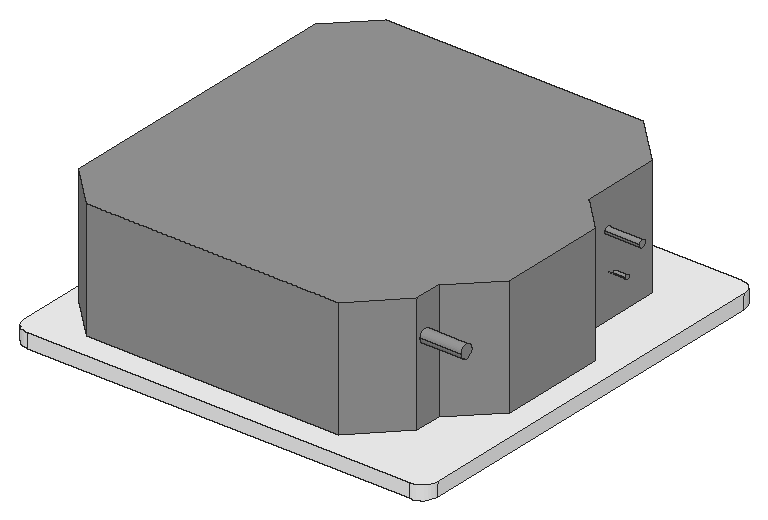
Revit family "Trane_TVR_Indoor_4-way Cassette_4TVC0055EF000AA (2nd DC) - 360°", category Equipamento mecânico, Revit 2019
Family settings
  Cota do conector redondo = Utilizar diâmetro
  Tipo de parte = Normal
  Número OmniClass = 23.75.00.00
  Título OmniClass = Climate Control (HVAC)
  Com base no plano de trabalho = Não
  Sempre na vertical = Sim
  Corte com vazios quando carregada = Não
  Compartilhado = Não
  Ponto de cálculo do ambiente = Não
Parameters (values of type "4TVC0055EF000AA")
  clearance access right = 1000.000 mm
  clearance access left = 1000.000 mm
  clearance access front = 1000.000 mm
  clearance access behind = 1000.000 mm
  clearance [instance] = no
  Width = 950.000 mm
  URL = "https://www.trane.com/commercial/latin-america/br/pt.html"
  Series = "ULTRA"
  Power supply = "1 phase, 220-240V, 50/60Hz"
  Panel color = "S1004"
  Modelo = "4TVC0055EF000AA"
  Minimum Circuit Amps = 1.26 A
  Maximum Fuse Amps = 15 A
  Fabricante = "TRANE"
  Machine material = grilles：ABS/HIPS
  Liquid pipe = 9.530 mm
  Installation = "Indoor installation"
  Height = 300.000 mm
  Heating Power Input = 170 W
  Heating Capacity = 18.00 kW
  Gross Weight = 35.30 kg
  Gas pipe = 15.900 mm
  Gas = "R410a"
  Drain pipe = 32.000 mm
  Descrição = "High efficiency air cooled"
  Depth = 950.000 mm
  Cooling Power Input = 170 W
  Cooling Capacity = 16.00 kW
  Condensation = "air"
  Air Flow = "2100/1950/1800/1750/1600/1450/1350"
Reference planes
  plane 1 "中心(前/后)": y = 0
  plane 2: z = 0
  plane 3 "中心(左/右)": x = 0
  plane 4: z = -102.103
  plane 5 "floor": z = 2546.088
  plane 6: x = -525
  plane 7: x = 525
  plane 8: y = 525
  plane 9: y = -525
Forms (mm)
  Extrusion 1, solid, material "grilles：ABS/HIPS" <- "Machine material", detail levels medium+fine
    sketch origin (0, 0, 64.412) x (-1, 0, 0) y (0, 1, 0)
      loop
        line (-275, 475) -> (-391.569, 358.431) -> (-391.569, 158.431) -> (-475, 75) -> (-475, -195) -> (-375, -295) -> (-375, -365) -> (-265, -475) -> (375, -475) -> (475, -375) -> (475, 375) -> (375, 475) -> (-275, 475)
    from -281.588 to 18.412
  Extrusion 2, solid, material "grilles：ABS/HIPS" <- "Machine material", detail levels fine
    sketch origin (0, 519.376, 250) x (0, 1, 0) y (0, 0, 1)
      loop
        circle (-279.968, -103.155) r 4.765
    from 335 to 425
  Extrusion 3, solid, material "grilles：ABS/HIPS" <- "Machine material", detail levels fine
    sketch origin (391.569, -281.569, 64.412) x (0, -1, 0) y (0, 0, -1)
      loop
        circle (60, -187.897) r 16
    from -16.569 to 90
  Extrusion 4, solid, material "grilles：ABS/HIPS" <- "Machine material", detail levels fine
    sketch origin (391.569, 868.431, 64.412) x (0, -1, 0) y (0, 0, -1)
      loop
        circle (651.789, -187.897) r 7.95
    from 0 to 90
Lines and regions (mm)
  model lines
    curve 1: line (475, 75, 46) -> (391.569, 158.431, 46)
    curve 2: line (391.569, 158.431, 46) -> (391.569, 335, 46)
    curve 3: line (195, 475, 46) -> (-375, 475, 46)
    curve 4: line (-375, 475, 46) -> (-475, 375, 46)
    curve 5: line (391.569, -278.431, 46) -> (475, -195, 46)
    curve 6: line (475, -195, 346) -> (475, -195, 46)
    curve 7: line (475, 75, 346) -> (475, 75, 46)
    curve 8: line (391.569, 158.431, 346) -> (391.569, 158.431, 46)
    curve 9: line (-375, 475, 346) -> (-375, 475, 46)
    curve 10: line (-475, 375, 346) -> (-475, 375, 46)
    curve 11: line (265, -475, 346) -> (265, -475, 46)
    curve 12: line (375, -365, 346) -> (375, -365, 46)
    curve 13: line (375, -295, 346) -> (375, -295, 46)
    curve 14: line (-475, 525, 46) -> (-475, 525, 0)
    curve 15: line (275, 475, 346) -> (-375, 475, 346)
    curve 16: line (391.569, 358.431, 346) -> (275, 475, 346)
    curve 17: line (391.569, 158.431, 346) -> (391.569, 358.431, 346)
    curve 18: line (475, 75, 346) -> (391.569, 158.431, 346)
    curve 19: line (475, -195, 346) -> (475, 75, 346)
    curve 20: line (375, -295, 346) -> (475, -195, 346)
    curve 21: line (265, -475, 346) -> (375, -365, 346)
    curve 22: line (-375, -475, 346) -> (265, -475, 346)
    curve 23: line (-475, -375, 346) -> (-375, -475, 346)
    curve 24: line (-475, 375, 346) -> (-475, -375, 346)
    curve 25: line (-375, 475, 346) -> (-475, 375, 346)
    curve 26: line (375, -365, 346) -> (375, -295, 346)
    curve 27: line (275, 475, 46) -> (-375, 475, 46)
    curve 28: line (391.569, 358.431, 46) -> (275, 475, 46)
    curve 29: line (391.569, 158.431, 46) -> (391.569, 358.431, 46)
    curve 30: line (475, 75, 46) -> (391.569, 158.431, 46)
    curve 31: line (475, -195, 46) -> (475, 75, 46)
    curve 32: line (375, -295, 46) -> (475, -195, 46)
    curve 33: line (375, -365, 46) -> (375, -295, 46)
    curve 34: line (265, -475, 46) -> (375, -365, 46)
    curve 35: line (-375, -475, 46) -> (265, -475, 46)
    curve 36: line (-475, -375, 46) -> (-375, -475, 46)
    curve 37: line (-475, 375, 46) -> (-475, -375, 46)
    curve 38: line (-375, 475, 46) -> (-475, 375, 46)
Dimensions and locks
  "Height": Extrusion 1 to Extrusion 1
  "Liquid pipe": diameter of Extrusion 2
  "Gas pipe": diameter of Extrusion 4
  aligned and locked: level to plane 2
Automatic sketch dimensions
  Extrusion 2 sketch curve to plane 1 "中心(前/后)" = 239.408 mm
  level to Extrusion 2 sketch curve = 146.845 mm
  Extrusion 1 to Extrusion 3 sketch curve = 93.691 mm
  Extrusion 1 to Extrusion 3 sketch curve = 500.000 mm
  Extrusion 4 sketch curve to Extrusion 1 = 58.211 mm
  Extrusion 1 to Extrusion 4 sketch curve = 93.691 mm
  curve 2 to Extrusion 1 = 0.000 mm
  Extrusion 1 to curve 3 = 0.000 mm
  Extrusion 1 to curve 4 = 0.000 mm
  curve 4 to Extrusion 1 = 0.000 mm  (x2)
  curve 1 to Extrusion 1 = 0.000 mm  (x2)
  curve 5 to Extrusion 1 = 0.000 mm  (x4)
  curve 6 to Extrusion 1 = 0.000 mm  (x3)
  curve 7 to Extrusion 1 = 0.000 mm  (x2)
  Extrusion 1 to curve 7 = 0.000 mm
  curve 8 to Extrusion 1 = 0.000 mm  (x3)
  curve 9 to Extrusion 1 = 0.000 mm  (x3)
  curve 10 to Extrusion 1 = 0.000 mm  (x3)
  curve 11 to Extrusion 1 = 0.000 mm  (x3)
  curve 12 to Extrusion 1 = 0.000 mm  (x3)
  curve 13 to Extrusion 1 = 0.000 mm  (x2)
  Extrusion 1 to curve 13 = 0.000 mm
  Extrusion 1 sketch curve to plane 1 "中心(前/后)" = 75.000 mm
  plane 3 "中心(左/右)" to Extrusion 1 sketch curve = 475.000 mm
  Extrusion 1 sketch curve to plane 1 "中心(前/后)" = 475.000 mm
  Extrusion 1 sketch curve to Extrusion 1 sketch curve = 83.431 mm  (x2)
  Extrusion 1 sketch curve to Extrusion 1 sketch curve = 100.000 mm  (x4)
  Extrusion 1 sketch curve to Extrusion 1 sketch curve = 110.000 mm  (x2)
  Extrusion 1 sketch curve to plane 3 "中心(左/右)" = 375.000 mm  (x2)
  Extrusion 1 sketch curve to Extrusion 1 sketch curve = 116.569 mm  (x2)
  plane 1 "中心(前/后)" to Extrusion 1 sketch curve = 195.000 mm
  Extrusion 1 sketch curve to Extrusion 1 sketch curve = 70.000 mm
  plane 1 "中心(前/后)" to Extrusion 1 sketch curve = 375.000 mm
  Extrusion 1 to curve 3 = 56.569 mm
  Extrusion 1 to curve 1 = 0.000 mm
  curve 16 to Extrusion 1 = 0.000 mm  (x4)
  curve 15 to Extrusion 1 = 0.000 mm
  curve 17 to Extrusion 1 = 0.000 mm
  curve 18 to Extrusion 1 = 0.000 mm  (x2)
  Extrusion 1 to curve 19 = 0.000 mm
  curve 20 to Extrusion 1 = 0.000 mm
  Extrusion 1 to curve 21 = 0.000 mm  (x2)
  curve 21 to Extrusion 1 = 0.000 mm  (x2)
  Extrusion 1 to curve 22 = 0.000 mm
  curve 23 to Extrusion 1 = 0.000 mm  (x2)
  curve 24 to Extrusion 1 = 0.000 mm
  curve 28 to curve 27 = 116.569 mm
  curve 29 to curve 28 = 200.000 mm
  curve 30 to curve 29 = 83.431 mm
  curve 37 to curve 27 = 100.000 mm
  plane 6 to curve 37 = 50.000 mm
  curve 36 to plane 9 = 50.000 mm
  curve 36 to curve 36 = 100.000 mm
  curve 38 to plane 8 = 50.000 mm
  curve 37 to curve 38 = 100.000 mm
  curve 35 to plane 7 = 260.000 mm
  curve 27 to plane 7 = 250.000 mm
  curve 29 to plane 7 = 133.431 mm
  curve 31 to plane 7 = 50.000 mm
  curve 35 to curve 37 = 100.000 mm
  curve 14 to level = 0.000 mm
  plane 6 to curve 14 = 50.000 mm
  level to curve 14 = 46.000 mm
  Extrusion 1 to curve 2 = 140.000 mm
  curve 33 to plane 7 = 150.000 mm
  curve 34 to plane 9 = 160.000 mm
  curve 33 to curve 33 = 70.000 mm
  curve 32 to curve 31 = 100.000 mm
  radius of Extrusion 2 sketch curve = 4.765 mm
  radius of Extrusion 3 sketch curve = 16.000 mm
  radius of Extrusion 4 sketch curve = 7.950 mm
Nested families
  nested 1: "360lengbamianban-1050" at (0, 0, 0), type "360lengbamianban-1050", detail levels medium+fine
Connectors
  piping at (481.569, -341.569, 252.309), diameter 32
    settings: on Extrusion 3, index 5, connector inside diameter 32 mm, connector length 0.000 mm, flow factor 0, pipe flow 0.0 m³/h, pressure drop 0.0 Pa, fitting loss kfactor 0, connector angle 0.00°, fixture units 0, engagement length 0.000 mm, angle of deflection 0.00°, flow configuration 1, flow direction 2, fitting loss method 0, system type 29, joint type 0, gender type 0, connector reference index -1, connector utility 0, adjustable connector no, is connector primary yes, connector description "Drain pipe OD Φ 32mm"
  piping at (481.569, 216.642, 252.309), diameter 15.9
    settings: on Extrusion 4, index 6, connector inside diameter 15.9 mm, connector length 0.000 mm, flow factor 0, pipe flow 0.0 m³/h, pressure drop 0.0 Pa, fitting loss kfactor 0, connector angle 0.00°, fixture units 0, engagement length 0.000 mm, angle of deflection 0.00°, flow configuration 1, flow direction 0, fitting loss method 4, system type 22, joint type 0, gender type 0, connector reference index -1, connector utility 0, adjustable connector no, is connector primary no, connector description "Gas pipe Φ15.9mm"
  piping at (425, 239.408, 146.845), diameter 9.53
    settings: on Extrusion 2, index 7, connector inside diameter 9.53 mm, connector length 0.000 mm, flow factor 0, pipe flow 0.0 m³/h, pressure drop 0.0 Pa, fitting loss kfactor 0, connector angle 0.00°, fixture units 0, engagement length 0.000 mm, angle of deflection 0.00°, flow configuration 1, flow direction 0, fitting loss method 4, system type 22, joint type 0, gender type 0, connector reference index -1, connector utility 0, adjustable connector no, is connector primary no, connector description "Liquid pipe Φ9.53mm"
  electrical at (-50, 475, 196)
    settings: on Extrusion 1, index 8, voltage 220 V, apparent load 0 VA, apparent load phase1 0 VA, apparent load phase2 0 VA, apparent load phase3 0 VA, power factor 1, load classification "Power", number of poles 1, system type 30, power factor state 1, is connector primary yes, connector utility no, sub classification motor no, connector description "The location of electrical connectors is not the same as the actual location because the wiring terminal is inside the unit."
Definition of nested family "360lengbamianban-1050"
  Parameters
    Series = ""
    Machine material = none
    Installation = ""
    Gas = ""
    Condensation = ""
  Reference planes
    plane 1 "Center (Front/Back)": y = 0
    plane 2: z = 0
    plane 3 "Center (Left/Right)": x = 0
    plane 4: y = 525
    plane 5: y = -525
    plane 6: x = -525
    plane 7: x = 525
    plane 8: through (323.5, 323.5, 1219.2) normal (0.7071, -0.7071, 0)
    plane 9: through (-323.5, 323.5, 1219.2) normal (0.7071, 0.7071, 0)
    plane 10: y = 300
    plane 11: x = 300
    plane 12: x = -300
    plane 13: y = -300
    plane 14: z = -15
    plane 15: z = 35
    plane 16: y = -330
    plane 17: y = 330
    plane 18: x = 330
    plane 19: x = -330
  Forms (mm)
    Extrusion 1, solid, material <- "Machine material"
      sketch origin (0, 0, 0) x (1, 0, 0) y (0, 1, 0)
        loop
          arc (-485, 525) -> (-513.284, 513.284) -> (-525, 485) r 40
          line (-525, 485) -> (-525, -485)
          arc (-525, -485) -> (-513.284, -513.284) -> (-485, -525) r 40
          line (-485, -525) -> (485, -525)
          arc (485, -525) -> (513.284, -513.284) -> (525, -485) r 40
          line (525, -485) -> (525, 485)
          arc (525, 485) -> (513.284, 513.284) -> (485, 525) r 40
          line (485, 525) -> (-485, 525)
      from 0 to 35
    Extrusion 2, void
      sketch origin (0, 0, 0) x (1, 0, 0) y (0, 1, 0)
        loop
          arc (-130, 250) -> (-214.853, 214.853) -> (-250, 130) r 120
          line (-250, 130) -> (-250, -130)
          arc (-250, -130) -> (-214.853, -214.853) -> (-130, -250) r 120
          line (-130, -250) -> (130, -250)
          arc (130, -250) -> (214.853, -214.853) -> (250, -130) r 120
          line (250, -130) -> (250, 130)
          arc (250, 130) -> (214.853, 214.853) -> (130, 250) r 120
          line (130, 250) -> (-130, 250)
      from 0 to 35
    Extrusion 3, solid
      sketch origin (0, 0, 0) x (1, 0, 0) y (0, 1, 0)
        loop
          line (-256.77, -244.014) -> (-256.77, -247.014) -> (256.177, -247.014) -> (256.177, -244.014) -> (-256.77, -244.014)
        loop
          line (-256.77, -239.014) -> (-256.77, -242.014) -> (256.177, -242.014) -> (256.177, -239.014) -> (-256.77, -239.014)
        loop
          line (-256.77, -234.014) -> (-256.77, -237.014) -> (256.177, -237.014) -> (256.177, -234.014) -> (-256.77, -234.014)
        loop
          line (-256.77, -229.014) -> (-256.77, -232.014) -> (256.177, -232.014) -> (256.177, -229.014) -> (-256.77, -229.014)
        loop
          line (-256.77, -224.014) -> (-256.77, -227.014) -> (256.177, -227.014) -> (256.177, -224.014) -> (-256.77, -224.014)
        loop
          line (-256.77, -219.014) -> (-256.77, -222.014) -> (256.177, -222.014) -> (256.177, -219.014) -> (-256.77, -219.014)
        loop
          line (-256.77, -214.014) -> (-256.77, -217.014) -> (256.177, -217.014) -> (256.177, -214.014) -> (-256.77, -214.014)
        loop
          line (-256.77, -209.014) -> (-256.77, -212.014) -> (256.177, -212.014) -> (256.177, -209.014) -> (-256.77, -209.014)
        loop
          line (-256.77, -204.014) -> (-256.77, -207.014) -> (256.177, -207.014) -> (256.177, -204.014) -> (-256.77, -204.014)
        loop
          line (-256.77, -199.014) -> (-256.77, -202.014) -> (256.177, -202.014) -> (256.177, -199.014) -> (-256.77, -199.014)
        loop
          line (-256.77, -194.014) -> (-256.77, -197.014) -> (256.177, -197.014) -> (256.177, -194.014) -> (-256.77, -194.014)
        loop
          line (-256.77, -189.014) -> (-256.77, -192.014) -> (256.177, -192.014) -> (256.177, -189.014) -> (-256.77, -189.014)
        loop
          line (-256.77, -184.014) -> (-256.77, -187.014) -> (256.177, -187.014) -> (256.177, -184.014) -> (-256.77, -184.014)
        loop
          line (-256.77, -179.014) -> (-256.77, -182.014) -> (256.177, -182.014) -> (256.177, -179.014) -> (-256.77, -179.014)
        loop
          line (-256.77, -174.014) -> (-256.77, -177.014) -> (256.177, -177.014) -> (256.177, -174.014) -> (-256.77, -174.014)
        loop
          line (-256.77, -169.014) -> (-256.77, -172.014) -> (256.177, -172.014) -> (256.177, -169.014) -> (-256.77, -169.014)
        loop
          line (-256.77, -164.014) -> (-256.77, -167.014) -> (256.177, -167.014) -> (256.177, -164.014) -> (-256.77, -164.014)
        loop
          line (-256.77, -159.014) -> (-256.77, -162.014) -> (256.177, -162.014) -> (256.177, -159.014) -> (-256.77, -159.014)
        loop
          line (-256.77, -154.014) -> (-256.77, -157.014) -> (256.177, -157.014) -> (256.177, -154.014) -> (-256.77, -154.014)
        loop
          line (-256.77, -149.014) -> (-256.77, -152.014) -> (256.177, -152.014) -> (256.177, -149.014) -> (-256.77, -149.014)
        loop
          line (-256.77, -144.014) -> (-256.77, -147.014) -> (256.177, -147.014) -> (256.177, -144.014) -> (-256.77, -144.014)
        loop
          line (-256.77, -139.014) -> (-256.77, -142.014) -> (256.177, -142.014) -> (256.177, -139.014) -> (-256.77, -139.014)
        loop
          line (-256.77, -134.014) -> (-256.77, -137.014) -> (256.177, -137.014) -> (256.177, -134.014) -> (-256.77, -134.014)
        loop
          line (-256.77, -129.014) -> (-256.77, -132.014) -> (256.177, -132.014) -> (256.177, -129.014) -> (-256.77, -129.014)
        loop
          line (-256.77, -124.014) -> (-256.77, -127.014) -> (256.177, -127.014) -> (256.177, -124.014) -> (-256.77, -124.014)
        loop
          line (-256.77, -119.014) -> (-256.77, -122.014) -> (256.177, -122.014) -> (256.177, -119.014) -> (-256.77, -119.014)
        loop
          line (-256.77, -114.014) -> (-256.77, -117.014) -> (256.177, -117.014) -> (256.177, -114.014) -> (-256.77, -114.014)
        loop
          line (-256.77, -109.014) -> (-256.77, -112.014) -> (256.177, -112.014) -> (256.177, -109.014) -> (-256.77, -109.014)
        loop
          line (-256.77, -104.014) -> (-256.77, -107.014) -> (256.177, -107.014) -> (256.177, -104.014) -> (-256.77, -104.014)
        loop
          line (-256.77, -99.014) -> (-256.77, -102.014) -> (256.177, -102.014) -> (256.177, -99.014) -> (-256.77, -99.014)
        loop
          line (-256.77, -94.014) -> (-256.77, -97.014) -> (256.177, -97.014) -> (256.177, -94.014) -> (-256.77, -94.014)
        loop
          line (-256.77, -89.014) -> (-256.77, -92.014) -> (256.177, -92.014) -> (256.177, -89.014) -> (-256.77, -89.014)
        loop
          line (-256.77, -84.014) -> (-256.77, -87.014) -> (256.177, -87.014) -> (256.177, -84.014) -> (-256.77, -84.014)
        loop
          line (-256.77, -79.014) -> (-256.77, -82.014) -> (256.177, -82.014) -> (256.177, -79.014) -> (-256.77, -79.014)
        loop
          line (-256.77, -74.014) -> (-256.77, -77.014) -> (256.177, -77.014) -> (256.177, -74.014) -> (-256.77, -74.014)
        loop
          line (-256.77, -69.014) -> (-256.77, -72.014) -> (256.177, -72.014) -> (256.177, -69.014) -> (-256.77, -69.014)
        loop
          line (-256.77, -64.014) -> (-256.77, -67.014) -> (256.177, -67.014) -> (256.177, -64.014) -> (-256.77, -64.014)
        loop
          line (-256.77, -59.014) -> (-256.77, -62.014) -> (256.177, -62.014) -> (256.177, -59.014) -> (-256.77, -59.014)
        loop
          line (-256.77, -54.014) -> (-256.77, -57.014) -> (256.177, -57.014) -> (256.177, -54.014) -> (-256.77, -54.014)
        loop
          line (-256.77, -49.014) -> (-256.77, -52.014) -> (256.177, -52.014) -> (256.177, -49.014) -> (-256.77, -49.014)
        loop
          line (-256.77, -44.014) -> (-256.77, -47.014) -> (256.177, -47.014) -> (256.177, -44.014) -> (-256.77, -44.014)
        loop
          line (-256.77, -39.014) -> (-256.77, -42.014) -> (256.177, -42.014) -> (256.177, -39.014) -> (-256.77, -39.014)
        loop
          line (-256.77, -34.014) -> (-256.77, -37.014) -> (256.177, -37.014) -> (256.177, -34.014) -> (-256.77, -34.014)
        loop
          line (-256.77, -29.014) -> (-256.77, -32.014) -> (256.177, -32.014) -> (256.177, -29.014) -> (-256.77, -29.014)
        loop
          line (-256.77, -24.014) -> (-256.77, -27.014) -> (256.177, -27.014) -> (256.177, -24.014) -> (-256.77, -24.014)
        loop
          line (-256.77, -19.014) -> (-256.77, -22.014) -> (256.177, -22.014) -> (256.177, -19.014) -> (-256.77, -19.014)
        loop
          line (-256.77, -14.014) -> (-256.77, -17.014) -> (256.177, -17.014) -> (256.177, -14.014) -> (-256.77, -14.014)
        loop
          line (-256.77, -9.014) -> (-256.77, -12.014) -> (256.177, -12.014) -> (256.177, -9.014) -> (-256.77, -9.014)
        loop
          line (-256.77, -4.014) -> (-256.77, -7.014) -> (256.177, -7.014) -> (256.177, -4.014) -> (-256.77, -4.014)
        loop
          line (-256.77, 0.986) -> (-256.77, -2.014) -> (256.177, -2.014) -> (256.177, 0.986) -> (-256.77, 0.986)
        loop
          line (-256.77, 5.986) -> (-256.77, 2.986) -> (256.177, 2.986) -> (256.177, 5.986) -> (-256.77, 5.986)
        loop
          line (-256.77, 10.986) -> (-256.77, 7.986) -> (256.177, 7.986) -> (256.177, 10.986) -> (-256.77, 10.986)
        loop
          line (-256.77, 15.986) -> (-256.77, 12.986) -> (256.177, 12.986) -> (256.177, 15.986) -> (-256.77, 15.986)
        loop
          line (-256.77, 20.986) -> (-256.77, 17.986) -> (256.177, 17.986) -> (256.177, 20.986) -> (-256.77, 20.986)
        loop
          line (-256.77, 25.986) -> (-256.77, 22.986) -> (256.177, 22.986) -> (256.177, 25.986) -> (-256.77, 25.986)
        loop
          line (-256.77, 30.986) -> (-256.77, 27.986) -> (256.177, 27.986) -> (256.177, 30.986) -> (-256.77, 30.986)
        loop
          line (-256.77, 35.986) -> (-256.77, 32.986) -> (256.177, 32.986) -> (256.177, 35.986) -> (-256.77, 35.986)
        loop
          line (-256.77, 40.986) -> (-256.77, 37.986) -> (256.177, 37.986) -> (256.177, 40.986) -> (-256.77, 40.986)
        loop
          line (-256.77, 45.986) -> (-256.77, 42.986) -> (256.177, 42.986) -> (256.177, 45.986) -> (-256.77, 45.986)
        loop
          line (-256.77, 50.986) -> (-256.77, 47.986) -> (256.177, 47.986) -> (256.177, 50.986) -> (-256.77, 50.986)
        loop
          line (-256.77, 55.986) -> (-256.77, 52.986) -> (256.177, 52.986) -> (256.177, 55.986) -> (-256.77, 55.986)
        loop
          line (-256.77, 60.986) -> (-256.77, 57.986) -> (256.177, 57.986) -> (256.177, 60.986) -> (-256.77, 60.986)
        loop
          line (-256.77, 65.986) -> (-256.77, 62.986) -> (256.177, 62.986) -> (256.177, 65.986) -> (-256.77, 65.986)
        loop
          line (-256.77, 70.986) -> (-256.77, 67.986) -> (256.177, 67.986) -> (256.177, 70.986) -> (-256.77, 70.986)
        loop
          line (-256.77, 75.986) -> (-256.77, 72.986) -> (256.177, 72.986) -> (256.177, 75.986) -> (-256.77, 75.986)
        loop
          line (-256.77, 80.986) -> (-256.77, 77.986) -> (256.177, 77.986) -> (256.177, 80.986) -> (-256.77, 80.986)
        loop
          line (-256.77, 85.986) -> (-256.77, 82.986) -> (256.177, 82.986) -> (256.177, 85.986) -> (-256.77, 85.986)
        loop
          line (-256.77, 90.986) -> (-256.77, 87.986) -> (256.177, 87.986) -> (256.177, 90.986) -> (-256.77, 90.986)
        loop
          line (-256.77, 95.986) -> (-256.77, 92.986) -> (256.177, 92.986) -> (256.177, 95.986) -> (-256.77, 95.986)
        loop
          line (-256.77, 100.986) -> (-256.77, 97.986) -> (256.177, 97.986) -> (256.177, 100.986) -> (-256.77, 100.986)
        loop
          line (-256.77, 105.986) -> (-256.77, 102.986) -> (256.177, 102.986) -> (256.177, 105.986) -> (-256.77, 105.986)
        loop
          line (-256.77, 110.986) -> (-256.77, 107.986) -> (256.177, 107.986) -> (256.177, 110.986) -> (-256.77, 110.986)
        loop
          line (-256.77, 115.986) -> (-256.77, 112.986) -> (256.177, 112.986) -> (256.177, 115.986) -> (-256.77, 115.986)
        loop
          line (-256.77, 120.986) -> (-256.77, 117.986) -> (256.177, 117.986) -> (256.177, 120.986) -> (-256.77, 120.986)
        loop
          line (-256.77, 125.986) -> (-256.77, 122.986) -> (256.177, 122.986) -> (256.177, 125.986) -> (-256.77, 125.986)
        loop
          line (-256.77, 130.986) -> (-256.77, 127.986) -> (256.177, 127.986) -> (256.177, 130.986) -> (-256.77, 130.986)
        loop
          line (-256.77, 135.986) -> (-256.77, 132.986) -> (256.177, 132.986) -> (256.177, 135.986) -> (-256.77, 135.986)
        loop
          line (-256.77, 140.986) -> (-256.77, 137.986) -> (256.177, 137.986) -> (256.177, 140.986) -> (-256.77, 140.986)
        loop
          line (-256.77, 145.986) -> (-256.77, 142.986) -> (256.177, 142.986) -> (256.177, 145.986) -> (-256.77, 145.986)
        loop
          line (-256.77, 150.986) -> (-256.77, 147.986) -> (256.177, 147.986) -> (256.177, 150.986) -> (-256.77, 150.986)
        loop
          line (-256.77, 155.986) -> (-256.77, 152.986) -> (256.177, 152.986) -> (256.177, 155.986) -> (-256.77, 155.986)
        loop
          line (-256.77, 160.986) -> (-256.77, 157.986) -> (256.177, 157.986) -> (256.177, 160.986) -> (-256.77, 160.986)
        loop
          line (-256.77, 165.986) -> (-256.77, 162.986) -> (256.177, 162.986) -> (256.177, 165.986) -> (-256.77, 165.986)
        loop
          line (-256.77, 170.986) -> (-256.77, 167.986) -> (256.177, 167.986) -> (256.177, 170.986) -> (-256.77, 170.986)
        loop
          line (-256.77, 175.986) -> (-256.77, 172.986) -> (256.177, 172.986) -> (256.177, 175.986) -> (-256.77, 175.986)
        loop
          line (-256.77, 180.986) -> (-256.77, 177.986) -> (256.177, 177.986) -> (256.177, 180.986) -> (-256.77, 180.986)
        loop
          line (-256.77, 185.986) -> (-256.77, 182.986) -> (256.177, 182.986) -> (256.177, 185.986) -> (-256.77, 185.986)
        loop
          line (-256.77, 190.986) -> (-256.77, 187.986) -> (256.177, 187.986) -> (256.177, 190.986) -> (-256.77, 190.986)
        loop
          line (-256.77, 195.986) -> (-256.77, 192.986) -> (256.177, 192.986) -> (256.177, 195.986) -> (-256.77, 195.986)
        loop
          line (-256.77, 200.986) -> (-256.77, 197.986) -> (256.177, 197.986) -> (256.177, 200.986) -> (-256.77, 200.986)
        loop
          line (-256.77, 205.986) -> (-256.77, 202.986) -> (256.177, 202.986) -> (256.177, 205.986) -> (-256.77, 205.986)
        loop
          line (-256.77, 210.986) -> (-256.77, 207.986) -> (256.177, 207.986) -> (256.177, 210.986) -> (-256.77, 210.986)
        loop
          line (-256.77, 215.986) -> (-256.77, 212.986) -> (256.177, 212.986) -> (256.177, 215.986) -> (-256.77, 215.986)
        loop
          line (-256.77, 220.986) -> (-256.77, 217.986) -> (256.177, 217.986) -> (256.177, 220.986) -> (-256.77, 220.986)
        loop
          line (-256.77, 225.986) -> (-256.77, 222.986) -> (256.177, 222.986) -> (256.177, 225.986) -> (-256.77, 225.986)
        loop
          line (-256.77, 230.986) -> (-256.77, 227.986) -> (256.177, 227.986) -> (256.177, 230.986) -> (-256.77, 230.986)
        loop
          line (-256.77, 235.986) -> (-256.77, 232.986) -> (256.177, 232.986) -> (256.177, 235.986) -> (-256.77, 235.986)
        loop
          line (-256.77, 240.986) -> (-256.77, 237.986) -> (256.177, 237.986) -> (256.177, 240.986) -> (-256.77, 240.986)
        loop
          line (-256.77, 245.986) -> (-256.77, 242.986) -> (256.177, 242.986) -> (256.177, 245.986) -> (-256.77, 245.986)
      from 2.83 to 4.679
    Extrusion 4, void
      sketch origin (99.1, 0, 0) x (0, 1, 0) y (-1, 0, 0)
        loop
          arc (279.071, -305.241) -> (367.65, -268.55) -> (404.341, -179.971) r 125.27
          line (404.341, -179.971) -> (404.341, 378.171)
          arc (404.341, 378.171) -> (367.65, 466.75) -> (279.071, 503.441) r 125.27
          line (279.071, 503.441) -> (-279.071, 503.441)
          arc (-279.071, 503.441) -> (-367.65, 466.75) -> (-404.341, 378.171) r 125.27
          line (-404.341, 378.171) -> (-404.341, -179.971)
          arc (-404.341, -179.971) -> (-367.65, -268.55) -> (-279.071, -305.241) r 125.27
          line (-279.071, -305.241) -> (279.071, -305.241)
        loop
          line (-174.341, -295.241) -> (174.341, -295.241)
          arc (174.341, -295.241) -> (329.905, -230.805) -> (394.341, -75.241) r 220
          line (394.341, -75.241) -> (394.341, 273.441)
          arc (394.341, 273.441) -> (329.905, 429.005) -> (174.341, 493.441) r 220
          line (174.341, 493.441) -> (-174.341, 493.441)
          arc (-174.341, 493.441) -> (-329.905, 429.005) -> (-394.341, 273.441) r 220
          line (-394.341, 273.441) -> (-394.341, -75.241)
          arc (-394.341, -75.241) -> (-329.905, -230.805) -> (-174.341, -295.241) r 220
      from 0 to 25.378
    Extrusion 5, void
      sketch origin (12.53, 0, 0) x (1, 0, 0) y (0, 1, 0)
        loop
          line (329.341, 0) -> (329.341, 100)
          arc (329.341, 100) -> (338.358, 136.132) -> (363.295, 163.791) r 76.902
          line (363.295, 163.791) -> (381.811, 124.083) -> (381.811, 137.917) -> (366.182, 171.435)
          arc (366.182, 171.435) -> (335.571, 141.393) -> (324.341, 100) r 81.902
          line (324.341, 100) -> (324.341, 0) -> (324.341, -100)
          arc (324.341, -100) -> (335.571, -141.393) -> (366.182, -171.435) r 81.902
          line (366.182, -171.435) -> (381.811, -137.917) -> (381.811, -124.083) -> (363.295, -163.791)
          arc (363.295, -163.791) -> (338.358, -136.132) -> (329.341, -100) r 76.902
          line (329.341, -100) -> (329.341, 0)
      from 0 to 4.679
    Extrusion 6, void
      sketch origin (-12.53, 0, 0) x (-1, 0, 0) y (0, -1, 0)
        loop
          line (329.341, 0) -> (329.341, 100)
          arc (329.341, 100) -> (338.358, 136.132) -> (363.295, 163.791) r 76.902
          line (363.295, 163.791) -> (381.811, 124.083) -> (381.811, 137.917) -> (366.182, 171.435)
          arc (366.182, 171.435) -> (335.571, 141.393) -> (324.341, 100) r 81.902
          line (324.341, 100) -> (324.341, 0) -> (324.341, -100)
          arc (324.341, -100) -> (335.571, -141.393) -> (366.182, -171.435) r 81.902
          line (366.182, -171.435) -> (381.811, -137.917) -> (381.811, -124.083) -> (363.295, -163.791)
          arc (363.295, -163.791) -> (338.358, -136.132) -> (329.341, -100) r 76.902
          line (329.341, -100) -> (329.341, 0)
      from 0 to 4.679
    Extrusion 7, void
      sketch origin (0, 12.53, 0) x (0, 1, 0) y (-1, 0, 0)
        loop
          line (329.341, 0) -> (329.341, 100)
          arc (329.341, 100) -> (338.358, 136.132) -> (363.295, 163.791) r 76.902
          line (363.295, 163.791) -> (381.811, 124.083) -> (381.811, 137.917) -> (366.182, 171.435)
          arc (366.182, 171.435) -> (335.571, 141.393) -> (324.341, 100) r 81.902
          line (324.341, 100) -> (324.341, 0) -> (324.341, -100)
          arc (324.341, -100) -> (335.571, -141.393) -> (366.182, -171.435) r 81.902
          line (366.182, -171.435) -> (381.811, -137.917) -> (381.811, -124.083) -> (363.295, -163.791)
          arc (363.295, -163.791) -> (338.358, -136.132) -> (329.341, -100) r 76.902
          line (329.341, -100) -> (329.341, 0)
      from 0 to 4.679
    Extrusion 8, void
      sketch origin (0, -12.53, 0) x (0, -1, 0) y (1, 0, 0)
        loop
          line (329.341, 0) -> (329.341, 100)
          arc (329.341, 100) -> (338.358, 136.132) -> (363.295, 163.791) r 76.902
          line (363.295, 163.791) -> (381.811, 124.083) -> (381.811, 137.917) -> (366.182, 171.435)
          arc (366.182, 171.435) -> (335.571, 141.393) -> (324.341, 100) r 81.902
          line (324.341, 100) -> (324.341, 0) -> (324.341, -100)
          arc (324.341, -100) -> (335.571, -141.393) -> (366.182, -171.435) r 81.902
          line (366.182, -171.435) -> (381.811, -137.917) -> (381.811, -124.083) -> (363.295, -163.791)
          arc (363.295, -163.791) -> (338.358, -136.132) -> (329.341, -100) r 76.902
          line (329.341, -100) -> (329.341, 0)
      from 0 to 4.679
    Extrusion 9, solid, material <- "Machine material"
      sketch origin (0, 0, 0) x (1, 0, 0) y (0, 1, 0)
        loop
          circle (410.861, 412.599) r 25
      from -3 to 0
  Cuts and joins
    Extrusion 2, Extrusion 4, Extrusion 5, Extrusion 6, Extrusion 7, Extrusion 8 cuts Extrusion 1
  Dimensions and locks
    aligned and locked: level to plane 2
